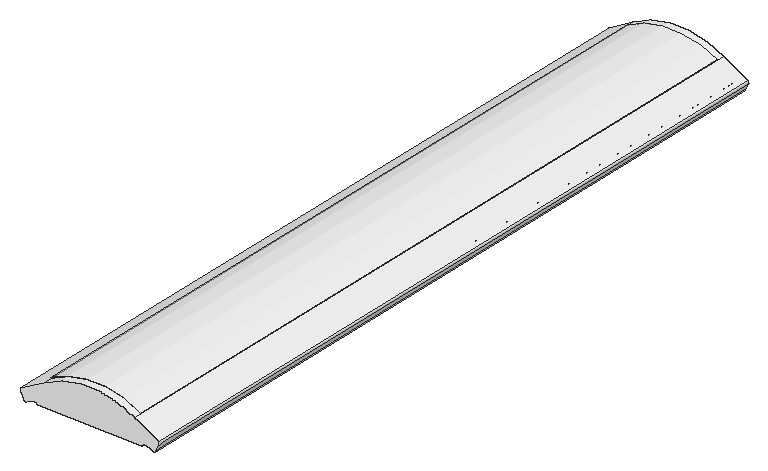
Revit family "LCVRL", category Lighting Fixtures, host Face, Revit 2014
Parameters (values of type "LCVRL-4'")
  Width 1 = 5.000"
  Width = 11.630"
  Watts = 50 W  # constant formula
  Wattage Comments = ""
  Wattage = 33 W
  Warranty = "5 years Warranty"  # constant formula
  built-in parameter 1150110 = 1 (stored number, unit not read)
  Voltage = 120 V
  URL = "https://www.hubbell.com/architecturalarealighting/en"
  built-in parameter 1114217 = 1 (stored number, unit not read)
  Tilt Angle = -90.00°
  built-in parameter 1150109 = 1 (stored number, unit not read)
  built-in parameter 1150134 = (empty or 0)
  built-in parameter 1150113 = 1 (stored number, unit not read)
  Reflector Finish = Hubbell - White Glass
  Product Page URL = "https://www.hubbell.com/aleralighting/en/Products/Lighting-Controls/Commercial-Indoor-Lighting/Pendant-Lighting/LCVR-L/p/19963"
  Product Doucmentation Link = "https://hubbellcdn.com/specsheet/lcvrl.pdf"
  Power Factor = 1
  Photometric Web File = "LCVR-L-35LW-100.IES"
  Photometric Web Link = "https://www.hubbell.com/architecturalarealighting/en/Products/Lighting-Controls/Commercial-Outdoor-Lighting/Wall-Mount/Venere-Traditional/p/220838#prod-resources-section"
  Photometric Note = "For more ies file please find the above Photometric Web Link"
  Model = "LCVRL"
  Manufacturer = "Alera Lighting"  # constant formula
  built-in parameter 1150105 = -6229080 (stored number, unit not read)
  Lumens = 3960 lm
  built-in parameter 1150115 = 1 (stored number, unit not read)
  Load Classification = Lighting
  built-in parameter 1150137 = (empty or 0)
  built-in parameter 1150139 = (empty or 0)
  Length = 48.000"
  built-in parameter 1150112 = 1 (stored number, unit not read)
  built-in parameter 1150114 = 1 (stored number, unit not read)
  Lamp = "LED"  # constant formula
  built-in parameter 1150132 = (empty or 0)
  built-in parameter 1150102 = (empty or 0)
  built-in parameter 1150107 = 3500 (stored number, unit not read)
  built-in parameter 1150138 = (empty or 0)
  built-in parameter 1150106 = -62290.8 (stored number, unit not read)
  Housing Material = Paint - Hubbell - Matte White
  Features = "Acrylic radial lens combines with curved shape for direct/indirect, direct distribution\r\nLumen packages range from 3200 to 7500\r\nUp/down switching available on some models\r\nLong-life LED is rated L90 at 60,000 hours, with projected life over 100,000 to reduce facility maintenance\r\nFour LED CCT color choices\r\nControls compatible\r\nAvailable with optional installed daylight sensors\r\nFlat end standard\r\nSculpted or bull nose end caps optional\r\nModular mounting points for convenient hanging locations\r\nAircraft cable mounting\r\nStraight rows assured using die cast aluminium tongue-and-groove patented couplers.\r\nFive year warranty\r\nDLC® (DesignLights Consortium) Qualified, with some Premium Qualified configurations - see www.designlights.org\r\nSpectraSync™ Color Tuning Technology available\r\nNX Distributed Intelligence™ wired and wireless controls capability available"  # constant formula
  Emit from Rectangle Width = 8.000"
  Emit from Rectangle Length = Length - 1.000"  # 47.000"
  Emit Shape Visible in Rendering = no
  built-in parameter 1150104 = 11.148 (stored number, unit not read)
  Dimming Lamp Color Temperature Shift = <None>
  Description = "Direct-Indirect distribution in an elegantly curved shape with high performance LED technology. Providing lumen packages from 3200 to 7500 and options to vary the amount of direct and indirect lighitng, Curv Radial Lens LED is an attractive solution for office, education, and health care environments."  # constant formula
  Default Elevation = 48.000"
  Create Date = "04/15/2019"  # constant formula
  Copyright = "© 2019 Alera Lighting"  # constant formula
  Contact = "https://www.hubbell.com/aleralighting/en/contactUs?productId=19963"
  Connector Description = "Lighting Connector"  # constant formula
  Color Filter = 16777215
  built-in parameter 1114216 [instance] = (empty or 0)
  Certifications = "All luminaires are built to UL and CSA standards"  # constant formula
  built-in parameter 1114218 = 1 (stored number, unit not read)
  built-in parameter 1150133 = 10 (stored number, unit not read)
  Assembly Code = "D5020200"
  Apparent Load = Watts / Power Factor  # 50 VA
Types (3): name | Length | Emit from Rectangle Length
  (no name) | 48.000" | 47.000"
  LCVRL-4' | 48.000" | 47.000"
  LCVRL-8' | 96.000" | 95.000"
Reference planes (in)
  plane 1 "Center (Front/Back)": y = 0
  plane 2: z = 0
  plane 3 "Center (Left/Right)": x = 0
  plane 4: x = 4.5
  plane 5: x = -4.5
  plane 6: z = 2.5
  plane 7: y = 24
  plane 8: y = -24
  plane 9: y = 23.5
  plane 10: y = -23.5
Forms (in)
  Extrusion 1, solid, material "Paint - Hubbell - Matte White" <- "Housing Material"
    sketch origin (0, 0, -0.0625) x (1, 0, 0) y (0, 0, 1)
      loop
        arc (-4.33701, 0.17076) -> (-4.25928, 0.10131) -> (-4.15504, 0.1025) r 0.14401
        line (-4.15504, 0.1025) -> (-3.66688, 0.29847)
        arc (-3.66688, 0.29847) -> (-3.60628, 0.30394) -> (-3.55269, 0.27511) r 0.10577
        line (-3.55269, 0.27511) -> (-3.42511, 0.14753) -> (3.36261, 0.14753) -> (3.49019, 0.27511)
        arc (3.49019, 0.27511) -> (3.54378, 0.30394) -> (3.60438, 0.29847) r 0.10577
        line (3.60438, 0.29847) -> (4.09254, 0.1025)
        arc (4.09254, 0.1025) -> (4.19678, 0.10131) -> (4.27451, 0.17076) r 0.14401
        line (4.27451, 0.17076) -> (4.48628, 0.58639)
        arc (4.48628, 0.58639) -> (4.49461, 0.67795) -> (4.4375, 0.75) r 0.12378
        line (4.4375, 0.75) -> (2.89771, 1.63166)
        arc (2.89771, 1.63166) -> (-0.03125, 2.41086) -> (-2.96021, 1.63166) r 5.89451
        line (-2.96021, 1.63166) -> (-4.5, 0.75)
        arc (-4.5, 0.75) -> (-4.55711, 0.67795) -> (-4.54878, 0.58639) r 0.12378
        line (-4.54878, 0.58639) -> (-4.33701, 0.17076)
    from -24 to 24
  Extrusion 2, solid, material "Hubbell - White Glass" <- "Reflector Finish"
    sketch origin (0, 0, -0.0625) x (1, 0, 0) y (0, 0, 1)
      loop
        arc (2.89771, 1.66291) -> (-0.03125, 2.44211) -> (-2.96021, 1.66291) r 5.89451
        line (-2.96021, 1.66291) -> (-2.91052, 1.57613)
        arc (-2.91052, 1.57613) -> (-0.03125, 2.34211) -> (2.84802, 1.57613) r 5.79451
        line (2.84802, 1.57613) -> (2.89771, 1.66291)
    from -23.5 to 23.5
Dimensions and locks (in)
  "Length": plane 8 to plane 7
  equal spacing: plane 8, plane 1 "Center (Front/Back)", plane 7
  locked: plane 8 to plane 10 at 0.5
  locked: plane 9 to plane 7 at 0.5
  aligned and locked: plane 2 to host face
  aligned and locked: level to host face
  aligned and locked: Extrusion 1 to plane 7
  aligned and locked: plane 8 to Extrusion 1
  aligned and locked: Extrusion 2 to plane 9
  aligned and locked: plane 10 to Extrusion 2
  aligned and locked: plane 3 "Center (Left/Right)" to imposter light
Automatic sketch dimensions
  host sketch curve to host sketch curve = 96.000"  (x2)
  Extrusion 1 sketch curve to plane 5 = 0.000"
  Extrusion 1 sketch curve to plane 5 = 0.04878"
  plane 5 to Extrusion 1 sketch curve = 0.0615"
  plane 5 to Extrusion 1 sketch curve = 0.16299"
  Extrusion 1 sketch curve to Extrusion 1 sketch curve = 0.12831"  (x2)
  level to Extrusion 1 sketch curve = 0.040"  (x2)
  Extrusion 1 sketch curve to Extrusion 1 sketch curve = 0.05365"  (x2)
  level to Extrusion 1 sketch curve = 0.23597"  (x2)
  Extrusion 1 sketch curve to Extrusion 1 sketch curve = 0.48816"
  Extrusion 1 sketch curve to Extrusion 1 sketch curve = 0.03941"  (x2)
  level to Extrusion 1 sketch curve = 0.21261"  (x2)
  Extrusion 1 sketch curve to Extrusion 1 sketch curve = 0.07479"  (x2)
  Extrusion 1 sketch curve to Extrusion 1 sketch curve = 0.12757"  (x2)
  Extrusion 1 sketch curve to Extrusion 1 sketch curve = 0.59248"
  Extrusion 1 sketch curve to plane 3 "Center (Left/Right)" = 0.03125"
  plane 6 to Extrusion 1 sketch curve = 0.93084"
  Extrusion 1 sketch curve to plane 4 = 1.60229"
  level to Extrusion 1 sketch curve = 0.08503"
  Extrusion 1 sketch curve to plane 4 = 1.13739"
  Extrusion 1 sketch curve to plane 4 = 0.40746"
  level to Extrusion 1 sketch curve = 0.10826"  (x2)
  Extrusion 1 sketch curve to plane 4 = 0.124"
  Extrusion 1 sketch curve to plane 4 = 0.0625"
  Extrusion 1 sketch curve to plane 4 = 0.01372"
  Extrusion 1 sketch curve to level = 3.54616"
  Extrusion 1 sketch curve to Extrusion 1 sketch curve = 0.41563"  (x2)
  Extrusion 1 sketch curve to Extrusion 1 sketch curve = 0.05619"  (x2)
  Extrusion 2 sketch curve to Extrusion 2 sketch curve = 0.000"  (x2)
  plane 5 to Extrusion 2 sketch curve = 1.53979"
  Extrusion 2 sketch curve to Extrusion 2 sketch curve = 0.04969"  (x2)
  Extrusion 2 sketch curve to plane 3 "Center (Left/Right)" = 0.03125"
  Extrusion 2 sketch curve to level = 3.51491"
  plane 6 to Extrusion 2 sketch curve = 0.98637"
  Extrusion 2 sketch curve to Extrusion 2 sketch curve = 0.08678"
  Extrusion 2 sketch curve to plane 4 = 1.65198"
Connectors (in)
  electrical at (-0.03125, 0, 0.08503), driven by "Connector Description", driven by "Power Factor", driven by "Apparent Load", driven by "Voltage", driven by "Load Classification"
    settings: on Extrusion 1, index 1, voltage 120 V, apparent load 50 VA, apparent load phase1 0 VA, apparent load phase2 0 VA, apparent load phase3 0 VA, power factor 1, load classification "Lighting", number of poles 1, system type 30, power factor state 1, is connector primary yes, connector utility no, sub classification motor no, connector description "Lighting Connector"
